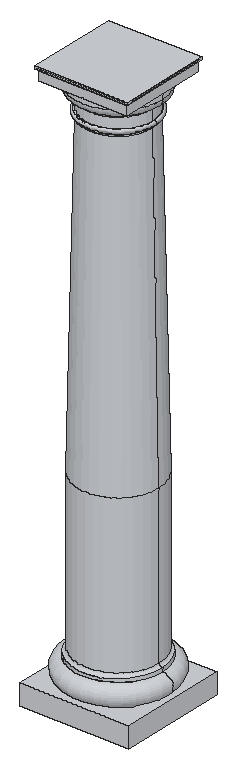
Revit family "Tuscan-Column", category Columns, Revit 2017
Family settings
  OmniClass Number = 23.25.30.11.14.11
  OmniClass Title = Columns
  Cut with Voids When Loaded = No
  Automatically joins geometry to walls = Yes
  Shared = No
  Show family pre-cut in plan views = Yes
Parameters (values of type "12" Diameter")
  Straight Shaft Height [instance] = Shaft Lower Diameter * 6 * (1 / 3)  # 2' - 0"
  Shaft Upper Radius [instance] = Shaft Upper Diameter / 2  # 0' - 5"
  Shaft Transition Radius [instance] = Shaft Base Halfwidth - Shaft Lower Radius  # 0' - 0 1/2"
  Shaft Transition Half Radius [instance] = Shaft Transition Radius / 2  # 0' - 0 1/4"
  Shaft Lower Radius [instance] = Shaft Lower Diameter / 2  # 0' - 6"
  Shaft Base Halfwidth [instance] = (Base Width / 2) - Base Torus Radius  # 0' - 6 1/2"
  Entasis Shaft Height [instance] = Shaft Lower Diameter * 6 * (2 / 3)  # 4' - 0"
  Capital Torus Radius [instance] = Capital Height Divisions * 0.625  # 0' - 1 1/4"
  Capital Top Width [instance] = (Shaft Base Halfwidth + Capital Top Radius) * 2  # 1' - 1.66667"
  Capital Top Radius [instance] = (Capital Height Divisions / 2) / 3  # 0' - 0.33333"
  Capital Height Divisions [instance] = (Shaft Lower Diameter / 2) / 3  # 0' - 2"
  Base Width [instance] = Shaft Lower Diameter * (8 / 6)  # 1' - 4"
  Shaft Upper Diameter [instance] = Shaft Lower Diameter * (5 / 6)  # 0' - 10"
  Shaft Lower Diameter = 1' - 0"
  Base Torus Radius [instance] = Base Torus Height / 2  # 0' - 1 1/2"
  Base Torus Height [instance] = Shaft Lower Diameter * (1 / 4)  # 0' - 3"
  Base Height [instance] = Shaft Lower Diameter * (1 / 4)  # 0' - 3"
Types (4): name | Straight Shaft Height | Shaft Upper Radius | Shaft Transition Radius | Shaft Transition Half Radius | Shaft Lower Radius | Shaft Base Halfwidth | Entasis Shaft Height | Capital Torus Radius | Capital Top Width | Capital Top Radius | Capital Height Divisions | Base Width | Shaft Upper Diameter | Shaft Lower Diameter | Base Torus Radius | Base Torus Height | Base Height
  (no name) | 2' - 0" | 0' - 5" | 0' - 0 1/2" | 0' - 0 1/4" | 0' - 6" | 0' - 6 1/2" | 4' - 0" | 0' - 1 1/4" | 1' - 1.66667" | 0' - 0.33333" | 0' - 2" | 1' - 4" | 0' - 10" | 1' - 0" | 0' - 1 1/2" | 0' - 3" | 0' - 3"
  12" Diameter | 2' - 0" | 0' - 5" | 0' - 0 1/2" | 0' - 0 1/4" | 0' - 6" | 0' - 6 1/2" | 4' - 0" | 0' - 1 1/4" | 1' - 1.66667" | 0' - 0.33333" | 0' - 2" | 1' - 4" | 0' - 10" | 1' - 0" | 0' - 1 1/2" | 0' - 3" | 0' - 3"
  24" Diameter | 4' - 0" | 0' - 10" | 0' - 1" | 0' - 0 1/2" | 1' - 0" | 1' - 1" | 8' - 0" | 0' - 2 1/2" | 2' - 3.33333" | 0' - 0.66667" | 0' - 4" | 2' - 8" | 1' - 8" | 2' - 0" | 0' - 3" | 0' - 6" | 0' - 6"
  36" Diameter | 6' - 0" | 1' - 3" | 0' - 1 1/2" | 0' - 0 3/4" | 1' - 6" | 1' - 7 1/2" | 12' - 0" | 0' - 3 3/4" | 3' - 5" | 0' - 1" | 0' - 6" | 4' - 0" | 2' - 6" | 3' - 0" | 0' - 4 1/2" | 0' - 9" | 0' - 9"
Reference planes (in)
  plane 1 "Center (Front/Back)": y = 0
  plane 2: z = 0
  plane 3 "Center (Left/Right)": x = 0
  plane 4 "Left": x = -8
  plane 5 "Right": x = 8
  plane 6 "Back": y = 8
  plane 7 "Front": y = -8
Forms (in)
  Extrusion 1, solid
    sketch origin (0, 0, 0) x (1, 0, 0) y (0, 1, 0)
      loop
        line (-8, 8) -> (-8, -8) -> (8, -8) -> (8, 8) -> (-8, 8)
    from 0 to 3
  Revolve 2, solid
    sketch origin (0, 0, 0) x (1, 0, 0) y (0, 0, 1)
      loop
        line (0, 6) -> (-6.5, 6)
        arc (-6.5, 6) -> (-8, 4.5) -> (-6.5, 3) r 1.5
        line (-6.5, 3) -> (0, 3) -> (0, 6)
      axis (0, 6) -> (0, 3)
    angle from 0 to 360
  Revolve 3, solid
    sketch origin (0, 0, 0) x (1, 0, 0) y (0, 0, 1)
      loop
        line (0, 78) -> (-5.25, 78)
        arc (-5.25, 78) -> (-5.5, 77.75) -> (-5.25, 77.5) r 0.25
        line (-5.25, 77.5) -> (-5.25, 77.25)
        arc (-5.25, 77.25) -> (-5.0732233, 77.1767767) -> (-5, 77) r 0.25
        arc (-5, 77) -> (-5.7083054, 53.504432) -> (-6, 30) r 1325.9821863
        line (-6, 30) -> (-6, 7)
        arc (-6, 7) -> (-6.1464466, 6.6464466) -> (-6.5, 6.5) r 0.5
        line (-6.5, 6.5) -> (-6.5, 6) -> (0, 6) -> (0, 78)
      axis (0, 6) -> (0, 78)
    angle from 0 to 360
  Revolve 4, solid
    sketch origin (0, 0, 0) x (1, 0, 0) y (0, 0, 1)
      loop
        line (-5, 78) -> (0, 78) -> (0, 82) -> (-6.5, 82) -> (-6.5, 81.25)
        arc (-6.5, 81.25) -> (-6.1338835, 80.3661165) -> (-5.25, 80) r 1.25
        line (-5.25, 80) -> (-5.25, 79.75)
        arc (-5.25, 79.75) -> (-5.0732233, 79.6767767) -> (-5, 79.5) r 0.25
        line (-5, 79.5) -> (-5, 78)
      axis (0, 78) -> (0, 82)
    angle from 0 to 360
  Extrusion 5, solid
    sketch origin (0, 0, 0) x (1, 0, 0) y (0, 1, 0)
      loop
        line (-6.8333333, -6.8333333) -> (6.8333333, -6.8333333) -> (6.8333333, 6.8333333) -> (-6.8333333, 6.8333333) -> (-6.8333333, -6.8333333)
    from 82 to 84
  Sweep 6, void
    path origin (0, 0, 82) x (1, 0, 0) y (0, 1, 0)
      loop
        line (-6.8333333, 6.8333333) -> (-6.8333333, -6.8333333) -> (6.8333333, -6.8333333) -> (6.8333333, 6.8333333) -> (-6.8333333, 6.8333333)
    profile origin (-6.8333333, 0, 82) x (1, 0, 0) y (0, 0, 1)
      loop
        line (0, 0) -> (0.3333333, 0) -> (0.3333333, 1.3333333)
        arc (0.3333333, 1.3333333) -> (0.2357023, 1.5690356) -> (0, 1.6666667) r 0.3333333
        line (0, 1.6666667) -> (0, 0)
Cuts and joins
  Sweep 6 cuts Extrusion 5
Lines and regions (in)
  reference lines
    curve 1: line (-51.7985208, 0, 3) -> (94.2014792, 0, 3)
    curve 2: line (-51.7985208, 0, 6) -> (94.2014792, 0, 6)
    curve 3: line (-6.5, 0, -6.984719) -> (-6.5, 0, 167.3486144)
    curve 4: line (-46.9437354, 0, 30) -> (37.0562646, 0, 30)
    curve 5: line (-6, 0, -7.4007952) -> (-6, 0, 26.7551933)
    curve 6: line (13.7796253, 0, 6.5) -> (-20.2203747, 0, 6.5)
    curve 7: line (-20.2203747, 0, 78) -> (25.7796253, 0, 78)
    curve 8: line (-5, 0, 169.0684613) -> (-5, 0, 70.3182594)
    curve 9: line (24.3460634, 0, 77.5) -> (-20.2203747, 0, 77.5)
    curve 10: line (24.3460634, 0, 77.25) -> (-20.2203747, 0, 77.25)
    curve 11: line (-5.5, 0, 70.3182594) -> (-5.5, 0, 168.0682594)
    curve 12: line (-5.25, 0, 70.3182594) -> (-5.25, 0, 168.0682594)
    curve 13: line (-20.2203747, 0, 77) -> (24.3460634, 0, 77)
    curve 14: line (13.7796253, 0, 7) -> (-20.2203747, 0, 7)
    curve 15: line (-20.2203747, 0, 80) -> (9.7796253, 0, 80)
    curve 16: line (-20.2203747, 0, 82) -> (9.7796253, 0, 82)
    curve 17: line (-20.2203747, 0, 84) -> (9.7796253, 0, 84)
    curve 18: line (9.7796253, 0, 79.75) -> (-20.2203747, 0, 79.75)
    curve 19: line (9.7796253, 0, 79.5) -> (-15.2203747, 0, 79.5)
    curve 20: line (-20.2203747, 0, 81.25) -> (9.7796253, 0, 81.25)
    curve 21: line (-20.2203747, 0, 83.6666667) -> (9.7796253, 0, 83.6666667)
    curve 22: line (-20.2203747, 0, 83.3333333) -> (9.7796253, 0, 83.3333333)
    curve 23: line (-6.8333333, 13.2170888, 0) -> (-6.8333333, -10.9456997, 0)
    curve 24: line (-12.9033251, 6.8333333, 0) -> (12.0966749, 6.8333333, 0)
    curve 25: line (6.8333333, -8.8333333, 0) -> (6.8333333, 14.3294552, 0)
    curve 26: line (6.9118878, -6.8333333, 0) -> (-11.9033251, -6.8333333, 0)
    curve 27: line (-6.8333333, 0, -6.984719) -> (-6.8333333, 0, 60.015281)
    curve 28: line (6.8333333, 0, -6.984719) -> (6.8333333, 0, 55.515281)
Dimensions and locks (in)
  equal spacing: plane 4 "Left", plane 3 "Center (Left/Right)", plane 5 "Right"
  equal spacing: plane 7 "Front", plane 1 "Center (Front/Back)", plane 6 "Back"
  "Base Width": plane 7 "Front" to plane 6 "Back"
  "Base Width": plane 4 "Left" to plane 5 "Right"
  "Base Height": curve 1 to level
  "Base Torus Height": curve 2 to curve 1
  "Straight Shaft Height": curve 4 to curve 2
  "Shaft Lower Radius": plane 3 "Center (Left/Right)" to curve 5
  "Shaft Base Halfwidth": plane 3 "Center (Left/Right)" to curve 3
  "Shaft Transition Radius": curve 6 to curve 2
  "Entasis Shaft Height": curve 7 to curve 4
  "Shaft Upper Radius": plane 3 "Center (Left/Right)" to curve 8
  "Shaft Transition Radius": curve 7 to curve 9
  "Shaft Transition Half Radius": curve 9 to curve 10
  "Shaft Transition Radius": curve 11 to curve 8
  "Shaft Transition Half Radius": curve 12 to curve 8
  "Shaft Transition Half Radius": curve 10 to curve 13
  "Shaft Transition Radius": curve 14 to curve 6
  "Capital Height Divisions": curve 15 to curve 7
  "Capital Height Divisions": curve 16 to curve 15
  "Capital Height Divisions": curve 17 to curve 16
  "Shaft Transition Half Radius": curve 15 to curve 18
  "Shaft Transition Half Radius": curve 18 to curve 19
  "Capital Torus Radius": curve 20 to curve 15
  "Capital Top Radius": curve 17 to curve 21
  "Capital Top Radius": curve 21 to curve 22
  "Capital Top Width": curve 23 to curve 25
  "Capital Top Width": curve 26 to curve 24
  equal spacing: curve 23, plane 3 "Center (Left/Right)", curve 25
  equal spacing: curve 26, curve 4, curve 24
  "Capital Top Width": curve 28 to curve 27
  equal spacing: curve 28, plane 3 "Center (Left/Right)", curve 27
  "Base Torus Radius": radius of Revolve 2 sketch curve
  "Shaft Transition Half Radius": radius of Revolve 3 sketch curve  (x2)
  "Shaft Transition Radius": radius of Revolve 3 sketch curve
  "Shaft Transition Half Radius": radius of Revolve 4 sketch curve
  "Capital Torus Radius": radius of Revolve 4 sketch curve
  "Capital Top Radius": radius of Sweep 6 sketch curve
  aligned and locked: level to plane 2
  aligned and locked: plane 6 "Back" to Extrusion 1 sketch curve
  aligned and locked: Extrusion 1 sketch curve to plane 4 "Left"
  aligned and locked: Extrusion 1 sketch curve to plane 7 "Front"
  aligned and locked: plane 5 "Right" to Extrusion 1 sketch curve
  aligned and locked: Extrusion 1 to curve 1
  aligned and locked: Revolve 2 sketch curve to curve 2
  aligned and locked: Revolve 2 sketch curve to plane 3 "Center (Left/Right)"
  aligned and locked: Revolve 2 sketch curve to curve 1
  aligned and locked: curve 3 to Revolve 2 sketch curve  (x2)
  aligned and locked: Revolve 3 sketch curve to curve 7
  aligned and locked: curve 5 to Revolve 3 sketch curve  (x2)
  aligned and locked: curve 13 to Revolve 3 sketch curve
  aligned and locked: Revolve 3 sketch curve to curve 12
  aligned and locked: curve 3 to Revolve 3 sketch curve
  aligned and locked: Revolve 3 sketch curve to curve 2
  aligned and locked: Revolve 3 sketch curve to plane 3 "Center (Left/Right)"
  aligned and locked: curve 4 to Revolve 3 sketch curve
  aligned and locked: curve 7 to Revolve 4 sketch curve
  aligned and locked: curve 8 to Revolve 4 sketch curve
  aligned and locked: Revolve 4 sketch curve to curve 12
  aligned and locked: Revolve 4 sketch curve to curve 16
  aligned and locked: plane 3 "Center (Left/Right)" to Revolve 4 sketch curve
  aligned and locked: curve 3 to Revolve 4 sketch curve
  aligned and locked: Revolve 4 sketch curve to curve 3
  aligned and locked: curve 18 to Revolve 4 sketch curve
  aligned and locked: curve 20 to Revolve 4 sketch curve
  aligned and locked: curve 15 to Revolve 4 sketch curve
  aligned and locked: Extrusion 5 to curve 17
  aligned and locked: curve 16 to Extrusion 5
  aligned and locked: curve 16 to Sweep 6 sketch curve
  aligned and locked: curve 3 to Sweep 6 sketch curve
  aligned and locked: curve 22 to Sweep 6 sketch curve
  aligned and locked: curve 21 to Sweep 6 sketch curve
  aligned and locked: Sweep 6 sketch curve to curve 27
  aligned and locked: cut or joined group of Extrusion 5, Sweep 6 to curve 26
  aligned and locked: cut or joined group of Extrusion 5, Sweep 6 to curve 25
  aligned and locked: cut or joined group of Extrusion 5, Sweep 6 to curve 24
  aligned and locked: cut or joined group of Extrusion 5, Sweep 6 to curve 23
Automatic sketch dimensions
  Extrusion 5 sketch curve to plane 4 "Left" = 0' - 1.16667"
  plane 5 "Right" to Extrusion 5 sketch curve = 0' - 1.16667"
  plane 6 "Back" to Extrusion 5 sketch curve = 0' - 1.16667"
  Extrusion 5 sketch curve to plane 7 "Front" = 0' - 1.16667"
  Sweep 6 sketch curve to Extrusion 5 = 0' - 0"  (x3)
  Extrusion 5 to Sweep 6 sketch curve = 0' - 0"
  plane 4 "Left" to curve 19 = 0' - 7.22037"
  curve 9 to curve 19 = 0' - 5"
  curve 9 to curve 10 = 0' - 0"  (x2)
  curve 10 to curve 13 = 0' - 0"  (x2)
  curve 7 to curve 9 = 0' - 0"
  plane 4 "Left" to curve 6 = 1' - 0.22037"
  curve 14 to curve 6 = 0' - 0"  (x2)
  curve 15 to curve 19 = 0' - 5"
  curve 16 to curve 15 = 0' - 0"
  curve 17 to curve 16 = 0' - 0"
  curve 17 to curve 22 = 0' - 0"
  curve 17 to curve 21 = 0' - 0"  (x2)
  curve 15 to curve 18 = 0' - 0"  (x2)
  curve 16 to curve 20 = 0' - 0"
  plane 4 "Left" to curve 4 = 3' - 2.94374"
  curve 1 to curve 6 = 2' - 7.57815"
  curve 2 to curve 1 = 0' - 0"  (x2)
  curve 16 to plane 5 "Right" = 0' - 1.77963"
  curve 21 to plane 5 "Right" = 0' - 1.77963"
  curve 18 to plane 5 "Right" = 0' - 1.77963"
  curve 18 to curve 19 = 0' - 0"
  curve 21 to curve 22 = 0' - 0"
  curve 20 to plane 5 "Right" = 0' - 1.77963"
  curve 6 to plane 5 "Right" = 0' - 5.77963"
  curve 19 to curve 10 = 1' - 2.56644"
  curve 9 to curve 7 = 0' - 1.43356"
  curve 4 to plane 5 "Right" = 2' - 5.05626"
  curve 6 to curve 2 = 6' - 8.42185"
  curve 3 to level = 0' - 6.98472"
  curve 27 to curve 3 = 0' - 0"
  curve 28 to level = 0' - 6.98472"
  curve 5 to curve 3 = 0' - 0.41608"
  curve 14 to curve 5 = 1' - 7.75519"
  curve 3 to level = 0' - 0.65139"
  level to curve 11 = 0' - 0.06826"
  level to curve 12 = 0' - 0.06826"
  level to curve 8 = 0' - 1.06846"
  curve 28 to curve 13 = 1' - 9.48472"
  curve 27 to curve 13 = 1' - 4.98472"
  curve 27 to curve 12 = 0' - 10.30298"
  curve 8 to curve 12 = 0' - 0"
  curve 11 to curve 12 = 0' - 0"
  Revolve 2 sketch curve to plane 3 "Center (Left/Right)" = 0' - 0"
  Revolve 2 sketch curve to level = 0' - 2 3/4"
  Revolve 2 sketch curve to Revolve 2 sketch curve = 0' - 1 3/4"
  Revolve 3 sketch curve to plane 3 "Center (Left/Right)" = 0' - 0"
  Revolve 3 sketch curve to Revolve 3 sketch curve = 0' - 0"
  level to Revolve 3 sketch curve = 2' - 1.29843"
  Revolve 3 sketch curve to Revolve 3 sketch curve = 0' - 0 1/2"
  Revolve 3 sketch curve to Revolve 3 sketch curve = 0' - 10.07873"
  Revolve 3 sketch curve to level = 0' - 2.07873"
  Revolve 4 sketch curve to plane 3 "Center (Left/Right)" = 0' - 0"
  Revolve 4 sketch curve to Revolve 4 sketch curve = 0' - 8.68174"
  level to Revolve 4 sketch curve = 0' - 3.56846"
  plane 4 "Left" to curve 26 = 0' - 3.90333"
  plane 4 "Left" to curve 24 = 0' - 4.90333"
  plane 5 "Right" to curve 26 = 0' - 1.08811"
  curve 24 to plane 5 "Right" = 0' - 4.09667"
  plane 7 "Front" to curve 25 = 0' - 0.83333"
  plane 7 "Front" to curve 23 = 0' - 2.9457"
  curve 23 to plane 6 "Back" = 0' - 5.21709"
  curve 25 to plane 6 "Back" = 0' - 6.32946"
